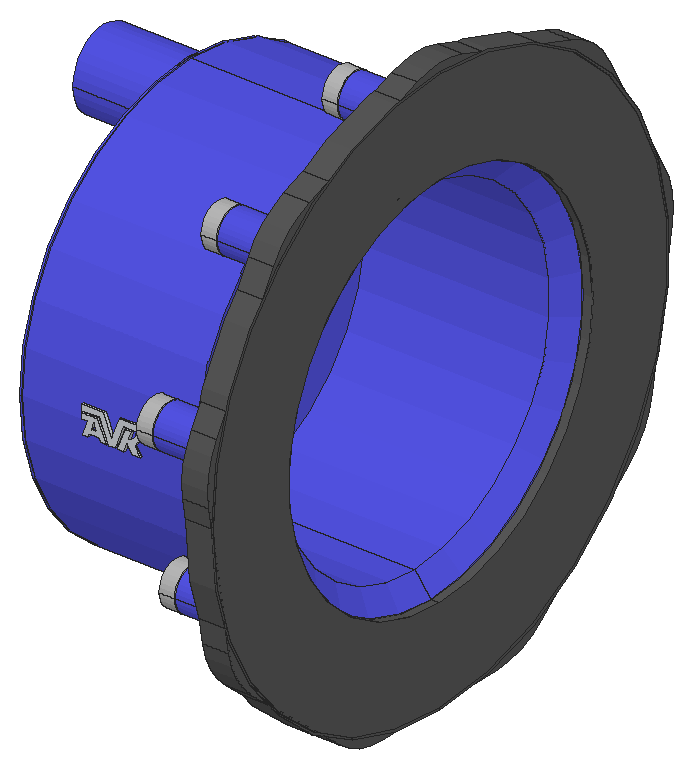
Revit family "634-00-001 DN350", category Pipe Accessories, Revit 2022
Family settings
  Round Connector Dimension = Use Diameter
  Part Type = Valve - Breaks Into
  Work Plane-Based = No
  Always vertical = Yes
  Cut with Voids When Loaded = No
  Shared = No
Parameters (values of type "DN350_PN16_AVK ref. no. 634-396-00-016")
  URL product pages = "https://www.avkvalves.com/P.aspx?no=63407100016"
  Thickness = 0 mm
  Search_table = "634-00-001 DN350"
  S2 = size_lookup(Search_table, "S2", 0 mm, DN) / 2  # 198 mm
  S1 = size_lookup(Search_table, "S1", 0 mm, DN) / 2  # 176 mm
  Radius = size_lookup(Search_table, "Radius", 0 mm, DN)  # 88.5 mm
  Nut = D2_L * 0.2  # 16.2 mm
  L1 = L * 0.5  # 87.5 mm
  L-L1 = 40.5 mm  # constant formula
  L = size_lookup(Search_table, "L", 0 mm, DN) / 2  # 175 mm
  FL_T = size_lookup(Search_table, "FL_T", 0 mm, DN)  # 26.5 mm
  Description_ = "AVK SUPA MAXI™ END CAP, PN16"
  Default Elevation = 0 mm
  DN350_PN16_AVK ref. no. 634-396-00-036 = "634-356-00-036"
  DN350_PN16_AVK ref. no. 634-396-00-016 = "634-396-00-036"
  DN = 350.1 mm
  D2_L2 = D2_L * 1.3  # 105.3 mm
  D2_L = size_lookup(Search_table, "D2_L", 0 mm, DN)  # 81 mm
  D2 = size_lookup(Search_table, "D2", 0 mm, DN) / 2  # 40.5 mm
  D1_L = size_lookup(Search_table, "D1_L", 0 mm, DN)  # 124 mm
  D12 = Radius * 0.25  # 22.125 mm
  D11 = D * 0.8  # 244.8 mm
  D1 = size_lookup(Search_table, "D1", 0 mm, DN) / 2  # 219 mm
  D-10 = D - 10 mm  # 296 mm
  D = size_lookup(Search_table, "D", 0 mm, DN) / 2  # 306 mm
  Bore = DN / 2  # 175.05 mm
  Bolt_L = D2_L - Nut  # 64.8 mm
  2 = 2 mm  # constant formula
  10 = 10 mm  # constant formula
Types (3, lengths in mm): name | DN | Bore
  (no name) | 350.1 | 175.05
  DN350_PN16_AVK ref. no. 634-396-00-016 | 350.1 | 175.05
  DN350_PN16_AVK ref. no. 634-396-00-036 | 350.2 | 175.1
Reference planes
  plane 1 "Center (Front/Back)": y = 0
  plane 2: z = 0
  plane 3 "Center (Left/Right)": x = 0
  plane 4: x = -175
  plane 5: z = 306
  plane 6: z = -306
  plane 7: z = 175.05
  plane 8: z = -175.05
  plane 9: x = 175
  plane 10: y = 306
  plane 11: y = -306
  plane 12: x = 165
  plane 13: z = 296
  plane 14: x = -87.5
  plane 15: z = 219
  plane 16: x = -77.5
  plane 17: x = -47
  plane 18: x = 69.7
  plane 19: z = 198
  plane 20: z = -198
  plane 21: through (4267.2, 0, 0.044) normal (0, -0.7071, 0.7071)
  plane 22: through (4267.2, 0, 0.044) normal (0, -0.7071, -0.7071)
  plane 23: through (4267.2, -338.084, 94.709) normal (0, -0.7071, 0.7071)
  plane 24: through (4267.2, 94.665, -338.04) normal (0, -0.7071, 0.7071)
  plane 25: through (0, 0, 0) normal (0, 0.5, -0.866)
  plane 26: through (0, 0, 0) normal (0, 0.5, 0.866)
  plane 27: through (0, 0, 0) normal (0, 0.866, 0.5)
  plane 28: through (0, 0, 0) normal (0, 0.866, -0.5)
  plane 29: z = -219
  plane 30: through (4267.2, 0, 0.044) normal (0, -0.766, 0.6428)
  plane 31: through (4267.2, 0, 0.044) normal (0, -0.1736, 0.9848)
  plane 32: through (4267.2, 0, 0.044) normal (0, 0.5, 0.866)
  plane 33: through (4267.2, 0, 0.044) normal (0, 0.9397, 0.342)
  plane 34: through (4267.2, 0, 0.044) normal (0, 0.9397, -0.342)
  plane 35: through (4267.2, 0, 0.044) normal (0, 0.5, -0.866)
  plane 36: through (4267.2, 0, 0.044) normal (0, -0.1736, -0.9848)
  plane 37: through (4267.2, 0, 0.044) normal (0, -0.766, -0.6428)
  plane 38: through (4267.2, 0, 0.044) normal (0, 0.9848, 0.1736)
  plane 39: through (4267.2, 0, 0.044) normal (0, 0.866, -0.5)
  plane 40: through (4267.2, 0, 0.044) normal (0, 0.342, -0.9397)
  plane 41: through (4267.2, 0, 0.044) normal (0, -0.342, -0.9397)
  plane 42: through (4267.2, 0, 0.044) normal (0, -0.866, -0.5)
  plane 43: through (4267.2, 0, 0.044) normal (0, -0.9848, 0.1736)
  plane 44: through (4267.2, 0, 0.044) normal (0, -0.6428, 0.766)
  plane 45: through (0, 0, 0.044) normal (0, -0.6428, 0.766)
  plane 46: through (0, 0, 0.044) normal (0, 0.9848, -0.1736)
  plane 47: through (0, 0, 0.044) normal (0, -0.342, -0.9397)
  plane 48: through (0, 0, 0.044) normal (0, 0.342, -0.9397)
  plane 49: through (0, 0, 0.044) normal (0, 0.6428, 0.766)
  plane 50: through (0, 0, 0.044) normal (0, 0.9848, 0.1736)
Forms (mm)
  Revolve 1, solid, material "Default Roof"
    sketch origin (0, 0, 0) x (1, 0, 0) y (0, 0, 1)
      loop
        line (165, 296) -> (148.5, 296) -> (94, 219) -> (-87.5, 219) -> (-87.5, 176) -> (148.5, 176) -> (165, 198) -> (165, 296)
      axis (-87.5, 0) -> (165, 0)
    angle from 0 to 360
  Extrusion 2, solid, material "Default Roof"
    sketch origin (0, 0, 0) x (1, 0, 0) y (0, 1, 0)
      loop
        circle (-124.5, 0) r 40.5
    from -178.5 to -219
  Extrusion 3, solid, material "Default Roof"
    sketch origin (0, 0, 0) x (0, 1, 0) y (0, 0, 1)
      loop
        circle (0, 178.5) r 40.5
    from -175 to -87.5
  Extrusion 4, solid, material "Default Roof"
    sketch origin (175, -1524, 1660.765) x (0, 0, 1) y (0, -1, 0)
      loop
        circle (-1660.765, -1524) r 198
    from -222 to -220
  Extrusion 5, solid, material "Default Wall"
    sketch origin (175, -1524, 1660.765) x (0, 0, 1) y (0, -1, 0)
      loop
        circle (-1660.765, -1524) r 198
      loop
        circle (-1660.765, -1524) r 296
    from -26.5 to 0
  Revolve 6, solid, material "Default Wall"
    sketch origin (0, 0, 0) x (1, 0, 0) y (0, 0, 1)
      loop
        line (148.5, 298) -> (148.5, 296) -> (175, 296) -> (175, 298) -> (148.5, 298)
      axis (148.5, 0) -> (175, 0)
    angle from 0 to 360
  Extrusion 7, solid, material "Default Roof"
    sketch origin (0, 0, 0) x (0, 1, 0) y (0, 0, 1)
      loop
        circle (0, 244.8) r 22.125
      loop
        circle (-157.354, 187.572) r 22.125
      loop
        circle (-241.081, 42.553) r 22.125
      loop
        circle (-212.022, -122.367) r 22.125
      loop
        circle (-83.727, -229.993) r 22.125
      loop
        circle (83.727, -229.993) r 22.125
      loop
        circle (212.022, -122.367) r 22.125
      loop
        circle (241.081, 42.553) r 22.125
      loop
        circle (157.354, 187.572) r 22.125
    from 85.9 to 148.5
  Extrusion 8, solid, material "Poche"
    sketch origin (0, 0, 0) x (0, 1, 0) y (0, 0, 1)
      loop
        circle (83.727, -229.993) r 22.125
      loop
        circle (-83.727, -229.993) r 22.125
      loop
        circle (-212.022, -122.367) r 22.125
      loop
        circle (-241.081, 42.553) r 22.125
      loop
        circle (-157.354, 187.572) r 22.125
      loop
        circle (0, 244.8) r 22.125
      loop
        circle (157.354, 187.572) r 22.125
      loop
        circle (241.081, 42.553) r 22.125
      loop
        circle (212.022, -122.367) r 22.125
    from 69.7 to 85.9
  Extrusion 9, solid, material "Default Roof"
    sketch origin (0, 0, 0) x (0, 1, 0) y (0, 0, 1)
      loop
        circle (0, 0) r 219
    from -87.5 to -85.5
  Extrusion 10, solid, material "Default Wall"
    sketch origin (0, 0, 0) x (0, 1, 0) y (0, 0, 1)
      loop
        line (-29.373, 300.718) -> (-169.977, 249.832)
        arc (-169.977, 249.832) -> (-196.69, 234.456) -> (-216.509, 210.853) r 88.5
        line (-216.509, 210.853) -> (-290.844, 82.057)
        arc (-290.844, 82.057) -> (-301.351, 53.18) -> (-301.35, 22.451) r 88.5
        line (-301.35, 22.451) -> (-275.516, -124.073)
        arc (-275.516, -124.073) -> (-265.004, -152.956) -> (-245.247, -176.502) r 88.5
        line (-245.247, -176.502) -> (-131.276, -272.134)
        arc (-131.276, -272.134) -> (-104.658, -287.502) -> (-74.389, -292.839) r 88.5
        line (-74.389, -292.839) -> (74.395, -292.838)
        arc (74.395, -292.838) -> (104.658, -287.502) -> (131.272, -272.14) r 88.5
        line (131.272, -272.14) -> (245.209, -176.56)
        arc (245.209, -176.56) -> (265.006, -152.953) -> (275.51, -123.989) r 88.5
        line (275.51, -123.989) -> (301.246, 23.315)
        arc (301.246, 23.315) -> (301.355, 53.135) -> (291.555, 81.299) r 88.5
        line (291.555, 81.299) -> (219.458, 211.974)
        arc (219.458, 211.974) -> (198.848, 237.023) -> (170.597, 252.963) r 88.5
        line (170.597, 252.963) -> (29.373, 301.242)
        arc (29.373, 301.242) -> (-0.045, 305.996) -> (-29.373, 300.718) r 88.5
      loop
        circle (0, 0) r 198
    from 148.5 to 175
Dimensions and locks
  equal spacing: plane 7, level, plane 8
  equal spacing: plane 5, level, plane 6
  equal spacing: plane 9, plane 3 "Center (Left/Right)", plane 4
  equal spacing: plane 10, plane 1 "Center (Front/Back)", plane 11
  "L": plane 3 "Center (Left/Right)" to plane 4
  "D": plane 5 to level
  "Bore": plane 7 to level
  "D": plane 10 to plane 1 "Center (Front/Back)"
  "10": plane 9 to Revolve 1 sketch curve
  "10": plane 5 to Revolve 1 sketch curve
  "10": plane 5 to plane 13
  "10": plane 9 to plane 12
  "L1": plane 3 "Center (Left/Right)" to plane 14
  "FL_T": plane 9 to Revolve 1 sketch curve  (x2)
  "D1": Revolve 1 sketch curve to level
  "D1": level to Extrusion 2
  "D1": plane 15 to level
  "D2": plane 15 to Extrusion 3 sketch curve
  equal spacing: Extrusion 3 sketch curve, plane 1 "Center (Front/Back)", Extrusion 3 sketch curve
  "10": plane 4 to Extrusion 2 sketch curve
  equal spacing: Extrusion 2 sketch curve, plane 1 "Center (Front/Back)", Extrusion 2 sketch curve
  equal spacing: Extrusion 4 sketch curve, plane 1 "Center (Front/Back)", Extrusion 4 sketch curve
  equal spacing: Extrusion 4 sketch curve, level, Extrusion 4 sketch curve
  "D2": Extrusion 4 to plane 14
  "D2": plane 17 to plane 14
  "2": Extrusion 4 to plane 17
  equal spacing: Extrusion 5 sketch curve, plane 1 "Center (Front/Back)", Extrusion 5 sketch curve  (x2)
  equal spacing: Extrusion 5 sketch curve, level, Extrusion 5 sketch curve
  "10": plane 5 to Extrusion 5 sketch curve
  "FL_T": plane 9 to Extrusion 5
  "2": Revolve 6 sketch curve to plane 13
  "FL_T": plane 9 to Revolve 6 sketch curve
  "FL_T": plane 9 to Extrusion 7
  "D2_L": plane 9 to Revolve 1 sketch curve
  plane 9 to plane 4 = 350 mm
  plane 5 to level = 306 mm  (x2)
  "S2": Revolve 1 sketch curve to level
  equal spacing: plane 19, level, plane 20
  "S2": level to plane 20
  plane 19 to plane 20 = 396 mm
  equal spacing: plane 23, plane 21, plane 24
  "D": plane 23 to plane 21
  plane 23 to plane 24 = 612 mm
  equal spacing: Extrusion 9 sketch curve, plane 1 "Center (Front/Back)", Extrusion 9 sketch curve
  equal spacing: Extrusion 9 sketch curve, level, Extrusion 9 sketch curve
  "2": Extrusion 9 to plane 14
  plane 5 to plane 6 = 612 mm
  "FL_T": plane 9 to Extrusion 10
  "D1": level to plane 29
  "D2": Extrusion 2 to plane 29
  "D2_L2": plane 9 to plane 18
  "Nut": Extrusion 7 to plane 18
  "Nut": Extrusion 8 to plane 18
  equal spacing: Extrusion 10 sketch curve, plane 1 "Center (Front/Back)", Extrusion 10 sketch curve  (x2)
  equal spacing: Extrusion 10 sketch curve, plane 30, Extrusion 10 sketch curve
  equal spacing: Extrusion 10 sketch curve, plane 37, Extrusion 10 sketch curve
  equal spacing: Extrusion 10 sketch curve, plane 36, Extrusion 10 sketch curve
  equal spacing: Extrusion 10 sketch curve, plane 35, Extrusion 10 sketch curve
  equal spacing: Extrusion 10 sketch curve, plane 34, Extrusion 10 sketch curve
  equal spacing: Extrusion 10 sketch curve, plane 33, Extrusion 10 sketch curve
  equal spacing: Extrusion 10 sketch curve, plane 32, Extrusion 10 sketch curve
  equal spacing: Extrusion 10 sketch curve, plane 31, Extrusion 10 sketch curve
  "D": Extrusion 10 sketch curve to level
  "D": plane 37 to Extrusion 10 sketch curve
  "D": Extrusion 10 sketch curve to plane 38
  "D": Extrusion 10 sketch curve to plane 39
  "D": Extrusion 10 sketch curve to plane 40
  "D": Extrusion 10 sketch curve to plane 41
  "D": Extrusion 10 sketch curve to plane 42
  "D": Extrusion 10 sketch curve to plane 43
  "D": Extrusion 10 sketch curve to plane 44
  equal spacing: Extrusion 10 sketch curve, level, Extrusion 10 sketch curve
  equal spacing: Extrusion 7 sketch curve, plane 31, Extrusion 7 sketch curve
  equal spacing: Extrusion 7 sketch curve, plane 30, Extrusion 7 sketch curve
  equal spacing: Extrusion 7 sketch curve, plane 1 "Center (Front/Back)", Extrusion 7 sketch curve
  equal spacing: Extrusion 7 sketch curve, plane 37, Extrusion 7 sketch curve
  equal spacing: Extrusion 7 sketch curve, plane 36, Extrusion 7 sketch curve
  equal spacing: Extrusion 7 sketch curve, plane 35, Extrusion 7 sketch curve
  equal spacing: Extrusion 7 sketch curve, plane 34, Extrusion 7 sketch curve
  equal spacing: Extrusion 7 sketch curve, plane 33, Extrusion 7 sketch curve
  equal spacing: Extrusion 7 sketch curve, plane 32, Extrusion 7 sketch curve
  "D11": Extrusion 7 sketch curve to level
  "D11": Extrusion 7 sketch curve to plane 45
  "D11": plane 46 to Extrusion 7 sketch curve
  "D11": plane 27 to Extrusion 7 sketch curve
  "D11": Extrusion 7 sketch curve to plane 47
  "D11": Extrusion 7 sketch curve to plane 48
  "D11": plane 28 to Extrusion 7 sketch curve
  "D11": Extrusion 7 sketch curve to plane 49
  "D11": Extrusion 7 sketch curve to plane 50
  "D2": radius of Extrusion 2 sketch curve
  "D2": radius of Extrusion 3 sketch curve
  "S2": radius of Extrusion 4 sketch curve
  "S2": radius of Extrusion 5 sketch curve
  "D1": radius of Extrusion 9 sketch curve
  "Radius": radius of Extrusion 10 sketch curve  (x9)
  "S2": radius of Extrusion 10 sketch curve
  "D12": radius of Extrusion 7 sketch curve  (x9)
  aligned and locked: level to plane 2
  aligned and locked: Revolve 1 sketch curve to level
  aligned and locked: Revolve 1 to plane 14
  aligned and locked: Extrusion 3 to plane 4
  aligned and locked: Extrusion 3 to Revolve 1
  aligned and locked: plane 9 to Extrusion 5
  aligned and locked: plane 13 to Revolve 6 sketch curve
  aligned and locked: Revolve 6 sketch curve to plane 9
  aligned and locked: Revolve 6 sketch curve to level
  aligned and locked: Extrusion 8 to plane 18
  aligned and locked: Extrusion 9 to plane 14
  aligned and locked: plane 9 to Extrusion 10
  aligned and locked: Extrusion 8 sketch curve to Extrusion 7  (x18)
Automatic sketch dimensions
  Revolve 1 sketch curve to plane 14 = 0 mm
  plane 7 to Revolve 1 sketch curve = 0.95 mm
  plane 18 to Revolve 1 sketch curve = 2.524 mm
  plane 9 to Revolve 1 sketch curve = 55 mm
  Extrusion 5 sketch curve to Extrusion 5 sketch curve = 0 mm
  Revolve 6 sketch curve to plane 4 = 150.058 mm
  plane 9 to Revolve 6 sketch curve = 329.942 mm
Nested families
  nested 1: "logo medium-11" at (10, -218.955, -4.443) x (1, 0, 0) z (0, -0.9998, -0.0203), type "logo medium-11"
Connectors
  piping at (175, 0, 0), diameter 350.1, driven by "DN"
    settings: on Extrusion 5, index 2, connector inside diameter 609.6 mm, connector length 0 mm, flow factor 0, pipe flow 0.0 L/s, pressure drop 0.0 Pa, fitting loss kfactor 0, connector angle 0.00°, fixture units 0, engagement length 0 mm, angle of deflection 0.00°, flow configuration 0, flow direction 0, fitting loss method 0, system type 7, joint type 0, gender type 0, connector reference index -1, connector utility 0, adjustable connector no, is connector primary yes, connector description ""
  piping at (-87.5, 0, 0), diameter 350.1, driven by "DN"
    settings: on Revolve 1, index 3, connector inside diameter 609.6 mm, connector length 0 mm, flow factor 0, pipe flow 0.0 L/s, pressure drop 0.0 Pa, fitting loss kfactor 0, connector angle 0.00°, fixture units 0, engagement length 0 mm, angle of deflection 0.00°, flow configuration 0, flow direction 0, fitting loss method 0, system type 7, joint type 0, gender type 0, connector reference index -1, connector utility 0, adjustable connector no, is connector primary no, connector description ""
Definition of nested family "logo medium-11"
  Parameters
    Default Elevation = 1219.2 mm
  Reference planes
    plane 1 "Center (Front/Back)": y = 0
    plane 2: z = 0
    plane 3 "Center (Left/Right)": x = 0
  Forms (mm)
    Extrusion 1, solid
      sketch origin (0, 0, 0) x (1, 0, 0) y (0, 1, 0)
        loop
          line (-1219.2, 1219.2) -> (-1219.2, -1219.2) -> (1219.2, -1219.2) -> (1219.2, 1219.2) -> (-1219.2, 1219.2)
      from 0 to -188.781
    Extrusion 2, solid
      sketch origin (0, 0, 0) x (1, 0, 0) y (0, 1, 0)
        loop
          line (-30.911, 14.607) -> (-12.952, 14.607) -> (-3.438, -8.594) -> (3.26, -8.594) -> (12.676, 14.607) -> (30.732, 14.607) -> (30.732, 20.529) -> (7.968, 20.529) -> (0, 0) -> (-8.195, 20.529) -> (-30.911, 20.529) -> (-30.911, 14.607)
        loop
          line (30.732, 6.453) -> (30.732, 12.569) -> (24.908, 12.569)
          arc (24.908, 12.569) -> (22.993, 7.075) -> (17.724, 4.608) r 7.492
          line (17.724, 4.608) -> (20.928, 12.569) -> (14.521, 12.569) -> (5.881, -8.594) -> (12.434, -8.594) -> (15.777, -0.405) -> (21.354, -8.594) -> (29.424, -8.594) -> (22.319, 0.649)
          arc (22.319, 0.649) -> (26.344, 2.972) -> (29.424, 6.453) r 14.456
          line (29.424, 6.453) -> (30.732, 6.453)
        loop
          line (-5.865, -8.594) -> (-14.796, 12.569) -> (-30.911, 12.569) -> (-30.911, 6.453) -> (-25.086, 6.453) -> (-30.911, -8.594) -> (-25.086, -8.594) -> (-23.728, -5.084) -> (-13.656, -5.084) -> (-12.175, -8.594) -> (-5.865, -8.594)
        loop
          line (-18.776, 7.618) -> (-21.494, 0) -> (-15.961, 0) -> (-18.776, 7.618)
      from 0 to 2
  Dimensions and locks
    aligned and locked: plane 2 to Extrusion 1
    aligned and locked: level to Extrusion 1
    aligned and locked: Extrusion 2 sketch curve to import instance  (x36)
